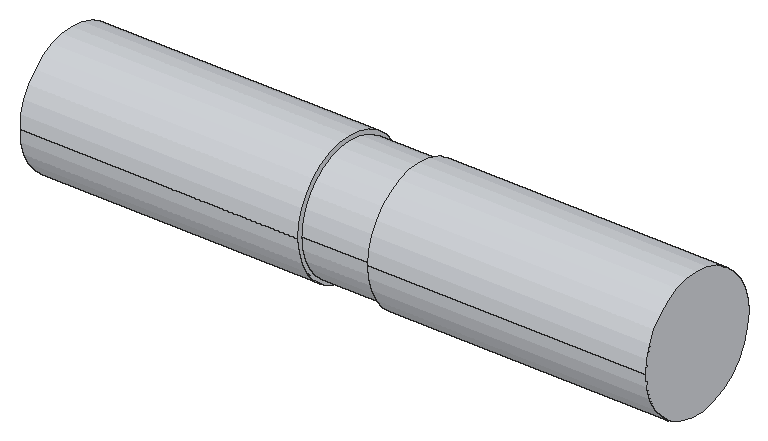
Revit family "TuberiaPEALPE_Union_Gas_Extrucol_0011", category Uniones de tubería, Revit 2020
Family settings
  Cota de conector redondo = Diámetro de uso
  Tipo de pieza = Unión
  Se basa en plano de trabajo = No
  Siempre vertical = Sí
  Corte con vacíos al cargar = No
  Compartido = No
Parameters
  Z [instance] = size_lookup(Tabla consulta, "Z", 0 mm, DN)  # 17 mm
  URL = "http://www.extrucol.com/"
  Tabla consulta = "TablaunionPEALPE"
  L [instance] = size_lookup(Tabla consulta, "L", 0 mm, DN)  # 36.8 mm
  H2 [instance] = H / 2  # 4.6 mm
  H [instance] = size_lookup(Tabla consulta, "H", 0 mm, DN)  # 9.2 mm
  Fabricante = "Extrucol"
  Elevación por defecto = 0 mm
  Descripción = "Unión cobre latón para PEALPE"
  DN [instance] = 16 mm
Reference planes
  plane 1 "Centro (Frontal/Posterior)": y = 0
  plane 2: z = 0
  plane 3 "Centro (Izquierda/Derecha)": x = 0
  plane 4: x = -41.4
  plane 5: x = -4.6
  plane 6: x = 4.6
  plane 7: x = 41.4
Forms (mm)
  Sweep 1, solid
    path in 3D
      loop
        line (4.6, 0, 0) -> (41.4, 0, 0)
    profile origin (23, 0, 0) x (0, 1, 0) y (0, 0, 1)
      loop
        circle (0, 0) r 8.5
  Sweep 2, solid
    path in 3D
      loop
        line (-4.6, 0, 0) -> (4.6, 0, 0)
    profile origin (0, 0, 0) x (0, 1, 0) y (0, 0, 1)
      loop
        circle (0, 0) r 8
  Sweep 3, solid
    path in 3D
      loop
        line (-41.4, 0, 0) -> (-4.6, 0, 0)
    profile origin (-23, 0, 0) x (0, 1, 0) y (0, 0, 1)
      loop
        circle (0, 0) r 8.5
Lines and regions (mm)
  model lines
    curve 1: line (-41.4, 0, 0) -> (-4.6, 0, 0)
    curve 2: line (-4.6, 0, 0) -> (4.6, 0, 0)
    curve 3: line (4.6, 0, 0) -> (41.4, 0, 0)
  sketch lines
    curve 4: line (4.6, 0, 0) -> (41.4, 0, 0)
    curve 5: line (-4.6, 0, 0) -> (4.6, 0, 0)
    curve 6: line (-41.4, 0, 0) -> (-4.6, 0, 0)
Dimensions and locks
  "L": plane 4 to plane 5
  "L": plane 6 to plane 7
  "H2": plane 5 to plane 3 "Centro (Izquierda/Derecha)" to plane 6
  "DN": diameter of Sweep 2 sketch curve
  "Z": diameter of Sweep 3 sketch curve
  "Z": diameter of Sweep 1 sketch curve
  aligned and locked: level to plane 2
Automatic sketch dimensions
  plane 1 "Centro (Frontal/Posterior)" to curve 1 = 0 mm
  curve 1 to plane 4 = 0 mm
  curve 2 to plane 5 = 0 mm
  curve 3 to plane 6 = 0 mm
  curve 3 to plane 7 = 0 mm
  Sweep 1 sketch curve to profile plane = 0 mm  (x2)
  Sweep 2 sketch curve to profile plane = 0 mm  (x2)
  Sweep 3 sketch curve to profile plane = 0 mm  (x2)
Connectors
  piping at (41.4, 0, 0), diameter 16, driven by "DN"
    settings: on Sweep 1, index 1, connector inside diameter 609.6 mm, connector length 0 mm, flow factor 0, pipe flow 0.0 L/s, pressure drop 0.0 Pa, fitting loss kfactor 0, connector angle 0.00°, fixture units 0, engagement length 0 mm, angle of deflection 0.00°, flow configuration 0, flow direction 0, fitting loss method 0, system type 28, joint type 0, gender type 0, connector reference index 2, connector utility 0, adjustable connector no, is connector primary yes, connector description ""
  piping at (-41.4, 0, 0), diameter 16, driven by "DN"
    settings: on Sweep 3, index 2, connector inside diameter 609.6 mm, connector length 0 mm, flow factor 0, pipe flow 0.0 L/s, pressure drop 0.0 Pa, fitting loss kfactor 0, connector angle 0.00°, fixture units 0, engagement length 0 mm, angle of deflection 0.00°, flow configuration 0, flow direction 0, fitting loss method 0, system type 28, joint type 0, gender type 0, connector reference index 1, connector utility 0, adjustable connector no, is connector primary no, connector description ""
